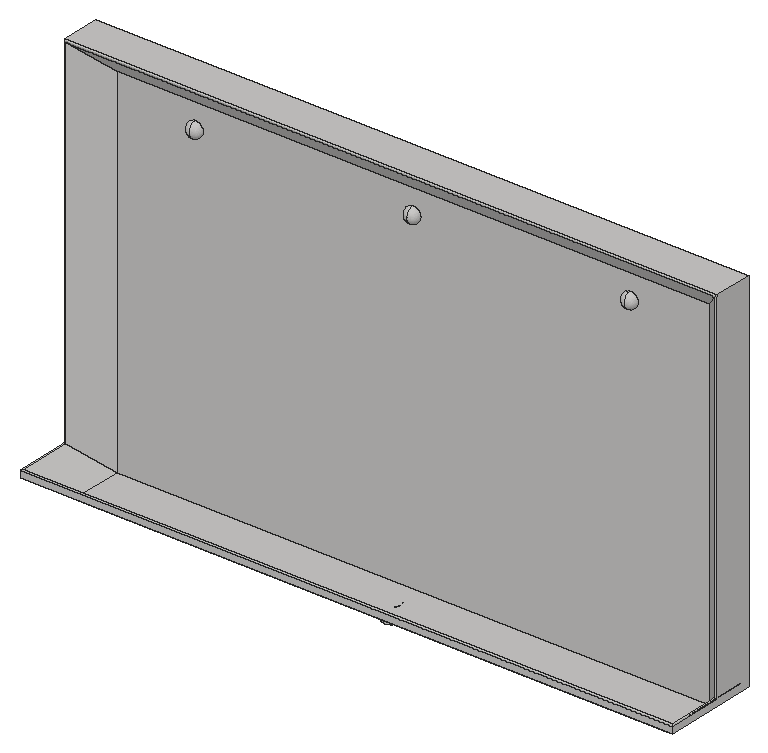
Revit family "PRD_FrankeWS_SlbUrnls_CampusFloorStandingUrinal_BS552", category Plumbing Fixtures, host Face, Revit 2018
Family settings
  Host = Face
  Round Connector Dimension = Use Diameter
  Part Type = Normal
  OmniClass Number = 23.45.05.21.11.21
  OmniClass Title = Urinals
  Cut with Voids When Loaded = No
  Shared = No
  Room Calculation Point = No
Parameters (values of type "BS552")
  WaterSupplyOverflowAndWasteHolesWaterSupply = "Back"
  WaterSupplyOverflowAndWasteHolesWaste = "Center"
  WasteSize = 40.00 mm
  WarrantyStartDate [instance] = "1900-12-31T23:59:59"
  WarrantyGuarantorParts = "n/a"
  WarrantyGuarantorLabor = "n/a"
  WarrantyDurationUnit = "year"
  WarrantyDurationParts = "n/a"
  WarrantyDurationLabor = "n/a"
  WarrantyDescription = "n/a"
  Version = "1"
  UrinalType = "Slab"
  UrinalMaterial = "Stainless steel"
  UrinalColor = "Stainless steel"
  Uniclass2015Version = "Products v1.5"
  Uniclass2015Title = "Slab urinals"
  Uniclass2015Code = "Pr_40_20_93_77"
  URL = "www.kwc.com"
  TagNumber [instance] = "n/a"
  SustainabilityPerformance = "n/a"
  SpilloverLevel = 0.00 mm
  Size = "1800 x 260 x 1076 mm"
  Shape = "Rectangular"
  SerialNumber [instance] = "n/a"
  Revision = "n/a"
  ReplacementCost = "n/a"
  ProductInformation = "https://pim.kwc.com/product/2000100032/attachment/datasheet?locale=en"
  OutletSize = "DN 40 (1 1/2 inch.)"
  NominalWidth = 1800.00 mm
  NominalLength = 1076.00 mm
  NominalDepth = 260.00 mm
  NetWeight = 42.00 kg
  Name = "CAMPUS floor standing urinal BS552"
  NBSTypeID = "n/a"
  NBSReference = "45-35-70/352"
  NBSOfficeMasterTag = "n/a"
  NBSNote = "n/a"
  NBSDescription = "Slab urinals"
  NBSCertification = "n/a"
  ModelReference = "BS552"
  ModelNumber = "2000100032"
  Model = ModelReference  # "BS552"
  MaterialsFinishAndColour = "Stainless steel, satin finished"
  MaterialsBody = "Stainless steel 1.4301"
  Material = PRD_AR_StainlessSteel_SatinFinished
  ManufacturerURL = "www.kwc.com"
  ManufacturerName = "KWC Group AG"  # constant formula
  Manufacturer = ManufacturerName  # "KWC Group AG"
  IntegralAccessories = "n/a"
  InstallationDate [instance] = "1900-12-31T23:59:59"
  InletSize = "DN 15 (1/2 inch.)"
  IfcExportType = "URINAL"
  IfcExportAs = "IfcSanitaryTerminalType"
  GrossWeight = 65.00 kg
  Grade = "n/a"
  Form = "Floor standing"
  Flow = 0.0 L/s
  Finish = "Satin finished"
  Features = "stainless steel, 1.50 mm, satin finished, wall and floor mounting, 1800x1076x260 mm (WxHxD)"
  ExpectedLife = "n/a"
  DurationUnit = "year"
  DiameterNominal = 15.00 mm
  Description = "Floor standing urinal, stainless steel, surface satin finished, material thickness 1.5 mm, back inlet button spreaders 1/2 inch. at 600 mm spacings, 1 1/2 inch. flat perforated waste. width: 1800 mm"
  Default Elevation = 0.00 mm
  CreateOn = "11/2018"  # constant formula
  Constituents = "n/a"
  CodePerformance = "n/a"
  Category = "Pr_40_20_93_77, Slab urinals"
  BarCode [instance] = "n/a"
  BIMObjectName = "PRD_AR_SlabUrinals_CampusFloorStandingUrinal_BS552"
  Author = "Archispace"  # constant formula
  AssetType = "Fixed"
  AssetIdentifier [instance] = "n/a"
  AccessibilityPerformance = "n/a"
Reference planes
  plane 1 "Center (Front/Back)": y = 0
  plane 2: z = 0
  plane 3 "Center (Left/Right)": x = 0
  plane 4: x = -900
  plane 5: x = 900
Forms (mm)
  Extrusion 1, void
    sketch origin (0, 0, 0) x (1, 0, 0) y (0, 1, 0)
      loop
        line (-900, -260) -> (900, -260) -> (900, 0) -> (-900, 0) -> (-900, -260)
    from 0 to -80
Dimensions and locks
  equal spacing: plane 4, plane 3 "Center (Left/Right)", plane 5
  "NominalWidth": plane 4 to plane 5
  aligned and locked: plane 2 to host face
  aligned and locked: level to host face
  aligned and locked: Extrusion 1 sketch curve to plane 4
  aligned and locked: plane 5 to Extrusion 1 sketch curve
  aligned and locked: Extrusion 1 sketch curve to plane 1 "Center (Front/Back)"
Automatic sketch dimensions
  host sketch curve to host sketch curve = 2438.40 mm  (x2)
  plane 1 "Center (Front/Back)" to Extrusion 1 sketch curve = 260.00 mm
Nested families
  nested 1: "BS55" at (0, 0, 0), type "BS55"
Connectors
  piping at (0, 0, 846), diameter 15, driven by "Flow", driven by "DiameterNominal", driven by "InletSize"
    settings: on nested 1, index 1, connector inside diameter 609.60 mm, connector length 0.00 mm, flow factor 0, pipe flow 0.0 L/s, pressure drop 0.0 Pa, fitting loss kfactor 0, connector angle 0.00°, fixture units 0, engagement length 0.00 mm, angle of deflection 0.00°, flow configuration 1, flow direction 1, fitting loss method 0, system type 20, joint type 0, gender type 0, connector reference index -1, connector utility 0, adjustable connector no, is connector primary yes, connector description "DN 15 (1/2 inch.)"
  piping at (0, -104, -122), diameter 40, driven by "WasteSize", driven by "OutletSize"
    settings: on nested 1, index 2, connector inside diameter 609.60 mm, connector length 0.00 mm, flow factor 0, pipe flow 0.0 L/s, pressure drop 0.0 Pa, fitting loss kfactor 0, connector angle 0.00°, fixture units 0, engagement length 0.00 mm, angle of deflection 0.00°, flow configuration 2, flow direction 2, fitting loss method 0, system type 16, joint type 0, gender type 0, connector reference index -1, connector utility 0, adjustable connector no, is connector primary no, connector description "DN 40 (1 1/2 inch.)"
  piping at (600, 0, 846), diameter 15, driven by "Flow", driven by "DiameterNominal", driven by "InletSize"
    settings: on nested 1, index 3, connector inside diameter 609.60 mm, connector length 0.00 mm, flow factor 0, pipe flow 0.0 L/s, pressure drop 0.0 Pa, fitting loss kfactor 0, connector angle 0.00°, fixture units 0, engagement length 0.00 mm, angle of deflection 0.00°, flow configuration 1, flow direction 1, fitting loss method 0, system type 20, joint type 0, gender type 0, connector reference index -1, connector utility 0, adjustable connector no, is connector primary no, connector description "DN 15 (1/2 inch.)"
  piping at (-600, 0, 846), diameter 15, driven by "Flow", driven by "DiameterNominal", driven by "InletSize"
    settings: on nested 1, index 4, connector inside diameter 609.60 mm, connector length 0.00 mm, flow factor 0, pipe flow 0.0 L/s, pressure drop 0.0 Pa, fitting loss kfactor 0, connector angle 0.00°, fixture units 0, engagement length 0.00 mm, angle of deflection 0.00°, flow configuration 1, flow direction 1, fitting loss method 0, system type 20, joint type 0, gender type 0, connector reference index -1, connector utility 0, adjustable connector no, is connector primary no, connector description "DN 15 (1/2 inch.)"
Definition of nested family "BS55"
  Parameters (values of type "BS55")
    Material = none
    Length = 1800.00 mm
  Reference planes
    plane 1 "Center (Front/Back)": y = 0
    plane 2: z = 0
    plane 3 "Center (Left/Right)": x = 0
    plane 4: x = -900
    plane 5: x = 900
    plane 6: x = -817
    plane 7: x = 817
    plane 8: z = 996
    plane 9: z = 913
    plane 10: x = -600
    plane 11: x = 600
  Forms (mm)
    Sweep 1, solid, material <- "Material", detail levels fine
      path origin (0, 0, 0) x (1, 0, 0) y (0, 0, 1)
        loop
          line (900, -80) -> (900, 996) -> (-900, 996) -> (-900, -80)
      profile origin (-900, 0, 458) x (0, -1, 0) y (1, 0, 0)
        loop
          line (0, 0) -> (107, 0)
          arc (107, 0) -> (109.773, 1.854) -> (109.118, 5.125) r 3
          line (109.118, 5.125) -> (31, 83) -> (0, 83) -> (0, 0)
    Extrusion 2, solid, material <- "Material", detail levels fine
      sketch origin (0, 0, 0) x (1, 0, 0) y (0, 0, 1)
        loop
          line (-817, 913) -> (-817, -80) -> (817, -80) -> (817, 913) -> (-817, 913)
      from 0 to 31
    Sweep 3, solid, material <- "Material", detail levels fine
      path origin (0, 0, 0) x (1, 0, 0) y (0, 1, 0)
        loop
          line (-900, 0) -> (-900, -260) -> (900, -260) -> (900, 0)
      profile origin (-900, -130, 0) x (1, 0, 0) y (0, 0, 1)
        loop
          arc (5.118, -0.875) -> (1.85, -0.229) -> (0, -3) r 3
          line (0, -3) -> (0, -20) -> (22.181, -20) -> (82.38, -80) -> (88, -80) -> (88, -78.5) -> (83, -78.5) -> (5.118, -0.875)
    Extrusion 4, solid, material <- "Material", detail levels fine
      sketch origin (0, 0, 0) x (1, 0, 0) y (0, 1, 0)
        loop
          line (-812, -31) -> (-812, -172) -> (812, -172) -> (812, -31) -> (-812, -31)
      from -80 to -78.5
    Extrusion 5, void
      sketch origin (0, 0, 0) x (1, 0, 0) y (0, 0, 1)
        loop
          line (-900, -20) -> (-900, -80) -> (-817.62, -80) -> (-877.819, -20) -> (-900, -20)
        loop
          line (900, -20) -> (877.819, -20) -> (817.62, -80) -> (900, -80) -> (900, -20)
      from 0 to 110
    Extrusion 6, solid, material <- "Material"
      sketch origin (0, 0, 0) x (1, 0, 0) y (0, 1, 0)
        loop
          circle (0, -104) r 24
      from -80 to -122
    Revolve 7, solid, material <- "Material", detail levels fine
      sketch origin (0, 0, 0) x (0, 1, 0) y (0, 0, 1)
        loop
          line (0, 846) -> (0, 856) -> (-31, 856) -> (-31, 867)
          arc (-31, 867) -> (-45.849, 860.849) -> (-52, 846) r 21
          line (-52, 846) -> (-31, 846) -> (0, 846)
        axis (-52, 846) -> (0, 846)
      angle from 0 to 360
    Blend 8, solid, material <- "Material", detail levels coarse+medium
      base sketch origin (0, 0, 0) x (1, 0, 0) y (0, 1, 0)
        loop
          line (-817.62, -177.62) -> (817.62, -177.62) -> (817.62, 0) -> (-817.62, 0) -> (-817.62, -177.62)
      top sketch origin (0, 0, 0) x (1, 0, 0) y (0, 1, 0)
        loop
          line (-877.819, -237.819) -> (877.819, -237.819) -> (877.819, 0) -> (-877.819, 0) -> (-877.819, -237.819)
      from -80 to -20
    Extrusion 9, solid, material <- "Material", detail levels coarse+medium
      sketch origin (0, 0, 0) x (1, 0, 0) y (0, 1, 0)
        loop
          line (-900, 0) -> (-900, -260) -> (900, -260) -> (900, 0) -> (-900, 0)
      from 0 to -20
    Extrusion 10, solid, material <- "Material", detail levels medium
      sketch origin (0, 0, 0) x (1, 0, 0) y (0, 1, 0)
        loop
          line (-900, 0) -> (-900, -110) -> (900, -110) -> (900, 0) -> (-900, 0)
      from 0 to 996
    Blend 11, void
      base sketch origin (0, 0, 0) x (1, 0, 0) y (0, 0, 1)
        loop
          line (-817, 913) -> (-817, 0) -> (817, 0) -> (817, 913) -> (-817, 913)
      top sketch origin (0, 0, 0) x (1, 0, 0) y (0, 0, 1)
        loop
          line (-900, 996) -> (-900, 0) -> (900, 0) -> (900, 996) -> (-900, 996)
      from 31.5 to 110
    Extrusion 12, solid, material <- "Material", detail levels coarse
      sketch origin (0, 0, 0) x (1, 0, 0) y (0, 1, 0)
        loop
          line (-900, 0) -> (-900, -110) -> (900, -110) -> (900, 0) -> (-900, 0)
      from 0 to 996
    Revolve 13, solid, material <- "Material", detail levels fine
      sketch origin (-600, 255.153, 4000) x (0, 1, 0) y (0, 0, 1)
        loop
          line (-255.153, -3154) -> (-255.153, -3144) -> (-286.153, -3144) -> (-286.153, -3133)
          arc (-286.153, -3133) -> (-301.002, -3139.151) -> (-307.153, -3154) r 21
          line (-307.153, -3154) -> (-286.153, -3154) -> (-255.153, -3154)
        axis (-307.153, -3154) -> (-255.153, -3154)
      angle from 0 to 360
    Revolve 14, solid, material <- "Material", detail levels fine
      sketch origin (600, 255.153, 4000) x (0, 1, 0) y (0, 0, 1)
        loop
          line (-255.153, -3154) -> (-255.153, -3144) -> (-286.153, -3144) -> (-286.153, -3133)
          arc (-286.153, -3133) -> (-301.002, -3139.151) -> (-307.153, -3154) r 21
          line (-307.153, -3154) -> (-286.153, -3154) -> (-255.153, -3154)
        axis (-307.153, -3154) -> (-255.153, -3154)
      angle from 0 to 360
  Cuts and joins
    Extrusion 5 cuts Sweep 1
    joined: Sweep 1, Extrusion 2, Sweep 3, Extrusion 4
    Blend 11 cuts Extrusion 10
  Dimensions and locks
    equal spacing: plane 4, plane 3 "Center (Left/Right)", plane 5
    "Length": plane 4 to plane 5
    locked: plane 6 to plane 4 at 83
    locked: plane 7 to plane 5 at 83
    locked: plane 8 to level at 996
    locked: plane 8 to plane 9 at 83
    locked: plane 4 to Blend 8 sketch curve at 22.181
    locked: Blend 8 sketch curve to plane 5 at 22.181
    locked: plane 4 to Blend 8 sketch curve at 82.38
    locked: Blend 8 sketch curve to plane 5 at 82.38
    locked: plane 10 to plane 3 "Center (Left/Right)" at 600
    locked: plane 3 "Center (Left/Right)" to plane 11 at 600
    aligned and locked: level to plane 2
    aligned and locked: Sweep 1 sketch curve to plane 4
    aligned and locked: Sweep 1 sketch curve to plane 8
    aligned and locked: plane 5 to Sweep 1 sketch curve
    aligned and locked: Sweep 1 sketch curve to plane 6
    aligned and locked: Extrusion 2 sketch curve to plane 6
    aligned and locked: plane 7 to Extrusion 2 sketch curve
    aligned and locked: Extrusion 2 sketch curve to plane 9
    aligned and locked: Sweep 3 sketch curve to plane 4
    aligned and locked: plane 5 to Sweep 3 sketch curve
    aligned and locked: Extrusion 5 sketch curve to plane 4
    aligned and locked: plane 5 to Extrusion 5 sketch curve
    aligned and locked: Extrusion 9 sketch curve to plane 4
    aligned and locked: plane 5 to Extrusion 9 sketch curve
    aligned and locked: Extrusion 9 sketch curve to cut or joined group of Sweep 1, Extrusion 2, Sweep 3, Extrusion 4, Extrusion 5
    aligned and locked: Extrusion 9 sketch curve to Blend 8
    aligned and locked: Extrusion 10 sketch curve to plane 4
    aligned and locked: plane 5 to Extrusion 10 sketch curve
    aligned and locked: Extrusion 10 sketch curve to plane 1 "Center (Front/Back)"
    aligned and locked: plane 8 to Extrusion 10
    aligned and locked: Blend 11 sketch curve to plane 6
    aligned and locked: plane 7 to Blend 11 sketch curve
    aligned and locked: Blend 11 sketch curve to plane 9
    aligned and locked: Blend 11 sketch curve to level  (x2)
    aligned and locked: Blend 11 sketch curve to plane 4
    aligned and locked: Blend 11 sketch curve to plane 8
    aligned and locked: plane 5 to Blend 11 sketch curve
    aligned and locked: Extrusion 12 sketch curve to plane 4
    aligned and locked: plane 5 to Extrusion 12 sketch curve
    aligned and locked: Extrusion 12 sketch curve to plane 1 "Center (Front/Back)"
    aligned and locked: plane 8 to Extrusion 12
  Automatic sketch dimensions
    Sweep 1 sketch curve to level = 80.00 mm  (x2)
    plane 1 "Center (Front/Back)" to Sweep 1 sketch curve = 0.00 mm
    Sweep 1 sketch curve to profile plane = 0.00 mm
    Sweep 1 sketch curve to Sweep 1 sketch curve = 31.00 mm
    Sweep 1 sketch curve to profile plane = 3.00 mm
    plane 1 "Center (Front/Back)" to Sweep 1 sketch curve = 107.00 mm
    Sweep 1 sketch curve to profile plane = 5.125 mm
    Sweep 1 sketch curve to Sweep 1 sketch curve = 0.00 mm
    Extrusion 2 sketch curve to level = 80.00 mm
    plane 1 "Center (Front/Back)" to Sweep 3 sketch curve = 0.00 mm  (x2)
    plane 1 "Center (Front/Back)" to Sweep 3 sketch curve = 260.00 mm
    profile plane to Sweep 3 sketch curve = 0.00 mm
    Sweep 3 sketch curve to Sweep 3 sketch curve = 3.00 mm
    Sweep 3 sketch curve to level = 0.875 mm
    Sweep 3 sketch curve to Sweep 3 sketch curve = 2.118 mm
    Sweep 3 sketch curve to Sweep 3 sketch curve = 22.181 mm
    Sweep 3 sketch curve to profile plane = 82.38 mm
    Sweep 3 sketch curve to Sweep 3 sketch curve = 0.62 mm
    Sweep 3 sketch curve to Sweep 3 sketch curve = 5.00 mm
    Sweep 3 sketch curve to level = 20.00 mm
    Sweep 3 sketch curve to level = 78.50 mm
    Sweep 3 sketch curve to Sweep 3 sketch curve = 1.50 mm
    plane 6 to Extrusion 4 sketch curve = 5.00 mm
    plane 7 to Extrusion 4 sketch curve = 5.00 mm
    plane 1 "Center (Front/Back)" to Extrusion 4 sketch curve = 172.00 mm
    plane 1 "Center (Front/Back)" to Extrusion 4 sketch curve = 31.00 mm
    Extrusion 5 sketch curve to Extrusion 5 sketch curve = 22.181 mm  (x2)
    Extrusion 5 sketch curve to plane 6 = 0.62 mm
    Extrusion 5 sketch curve to plane 7 = 0.62 mm
    Extrusion 5 sketch curve to level = 80.00 mm  (x2)
    Extrusion 5 sketch curve to level = 20.00 mm  (x2)
    Extrusion 6 sketch curve to plane 3 "Center (Left/Right)" = 0.00 mm
    plane 1 "Center (Front/Back)" to Extrusion 6 sketch curve = 104.00 mm
    Revolve 7 sketch curve to plane 1 "Center (Front/Back)" = 0.00 mm  (x2)
    plane 1 "Center (Front/Back)" to Revolve 7 sketch curve = 31.00 mm
    Revolve 7 sketch curve to Revolve 7 sketch curve = 0.00 mm  (x3)
    Revolve 7 sketch curve to Revolve 7 sketch curve = 21.00 mm
    Revolve 7 sketch curve to plane 9 = 67.00 mm
    Revolve 7 sketch curve to Revolve 7 sketch curve = 10.00 mm
    Revolve 7 sketch curve to Revolve 7 sketch curve = 19.756 mm
    plane 1 "Center (Front/Back)" to Blend 8 sketch curve = 0.00 mm  (x2)
    plane 1 "Center (Front/Back)" to Blend 8 sketch curve = 177.62 mm
    plane 1 "Center (Front/Back)" to Blend 8 sketch curve = 237.819 mm
    plane 1 "Center (Front/Back)" to Extrusion 10 sketch curve = 110.00 mm
    plane 1 "Center (Front/Back)" to Extrusion 12 sketch curve = 110.00 mm
    Revolve 13 sketch curve to plane 1 "Center (Front/Back)" = 0.00 mm  (x2)
    plane 1 "Center (Front/Back)" to Revolve 13 sketch curve = 31.00 mm
    Revolve 13 sketch curve to Revolve 13 sketch curve = 0.00 mm  (x3)
    Revolve 13 sketch curve to Revolve 13 sketch curve = 21.00 mm
    Revolve 13 sketch curve to plane 9 = 67.00 mm
    Revolve 13 sketch curve to Revolve 13 sketch curve = 10.00 mm
    Revolve 13 sketch curve to Revolve 13 sketch curve = 19.756 mm
    Revolve 14 sketch curve to plane 1 "Center (Front/Back)" = 0.00 mm  (x2)
    Revolve 14 sketch curve to Revolve 14 sketch curve = 31.00 mm
    Revolve 14 sketch curve to Revolve 14 sketch curve = 0.00 mm  (x3)
    Revolve 14 sketch curve to Revolve 14 sketch curve = 21.00 mm
    plane 9 to Revolve 14 sketch curve = 67.00 mm
    Revolve 14 sketch curve to Revolve 14 sketch curve = 10.00 mm
    plane 1 "Center (Front/Back)" to Revolve 14 sketch curve = 19.756 mm
    radius of Extrusion 6 sketch curve = 24.00 mm
